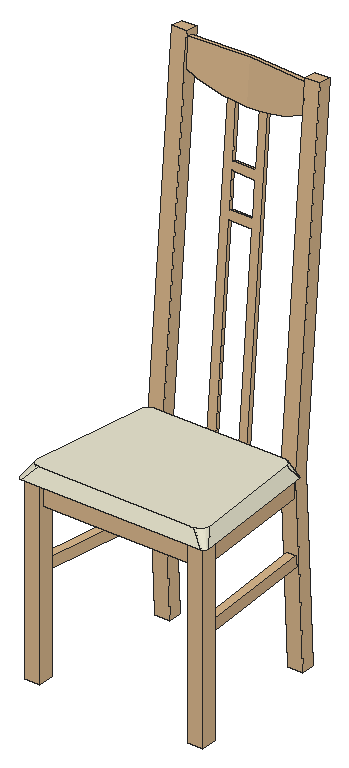
Revit family
Parameters (values of type "Chair - Dining")
  Material Structure = Wood - Birch
  Material Chair Covering = Fabric - Beige
  Keynote = "N"
  Assembly Code = ""
Reference planes
  plane 1 "Center (Front/Back)": y = 0
  plane 2: z = 0
  plane 3 "Center (Left/Right)": x = 0
  plane 4: x = -192.5
  plane 5: x = 192.5
  plane 6: y = 117
  plane 7: y = -200
  plane 8: z = 425
  plane 9: z = 1225
  plane 10: z = 250
  plane 11: x = -157.5
  plane 12: x = 157.5
  plane 13: through (-192.5, -182.5, 1200) normal (-0.9935, 0.1142, 0)
  plane 14: through (-192.5, -182.5, 1200) normal (-0.9935, 0.1142, 0)
  plane 15: z = 1122.124
  plane 16: z = 1215
Forms (mm)
  Extrusion 1, solid, material "Wood - Birch"
    sketch origin (0, 0, 0) x (1, 0, 0) y (0, 1, 0)
      loop
        line (-210, -217.5) -> (-175, -217.5) -> (-175, -182.5) -> (-210, -182.5) -> (-210, -217.5)
      loop
        line (210, -217.5) -> (210, -182.5) -> (175, -182.5) -> (175, -217.5) -> (210, -217.5)
    from 0 to 425
  Sweep 2, solid, material "Wood - Birch"
    path origin (-157.5, 175.942, 1200) x (0, 1, 0) y (0, 0, 1)
      loop
        line (-38.942, -1200) -> (-58.942, -775) -> (11.048, 25)
    profile origin (-157.5, 117, 425) x (0, -0.998895, -0.047007) y (1, 0, 0)
      loop
        line (15, -17.5) -> (15, 17.5) -> (-15, 17.5) -> (-15, -17.5) -> (15, -17.5)
  Sweep 3, solid, material "Wood - Birch"
    path origin (157.5, 175.942, 1200) x (0, 1, 0) y (0, 0, -1)
      loop
        line (-38.942, 1200) -> (-58.942, 775) -> (11.048, -25)
    profile origin (157.5, 117, 425) x (0, 0.998895, 0.047007) y (-1, 0, 0)
      loop
        line (-15, -17.5) -> (15, -17.5) -> (15, 17.5) -> (-15, 17.5) -> (-15, -17.5)
  Extrusion 4, solid, material "Wood - Birch"
    sketch origin (0, 0, 0) x (1, 0, 0) y (0, 1, 0)
      loop
        line (-182.434, -182.5) -> (-147.434, 122.017) -> (-167.566, 122.017) -> (-202.566, -182.5) -> (-182.434, -182.5)
    from 225.45 to 250.45
  Extrusion 5, solid, material "Wood - Birch" <- "Material Structure"
    sketch origin (0, 0, 0) x (1, 0, 0) y (0, 1, 0)
      loop
        line (-169.87, 101.969) -> (-202.566, -182.5) -> (-187.467, -182.5) -> (-154.771, 101.969) -> (-169.87, 101.969)
      loop
        line (-175, -210) -> (175, -210) -> (175, -195) -> (-175, -195) -> (-175, -210)
      loop
        line (-140, 96.447) -> (140, 96.447) -> (140, 126.447) -> (-140, 126.447) -> (-140, 96.447)
      loop
        line (169.87, 101.969) -> (154.771, 101.969) -> (187.467, -182.5) -> (202.566, -182.5) -> (169.87, 101.969)
    from 375 to 425
  Extrusion 6, solid, material "Wood - Birch"
    sketch origin (0, 0, 0) x (0, 1, 0) y (1, 0, 0)
      loop
        line (-182.5, 182.434) -> (122.017, 147.434) -> (122.017, 167.566) -> (-182.5, 202.566) -> (-182.5, 182.434)
    from 225.45 to 250.45
  Blend 7, solid, material "Fabric - Beige" <- "Material Chair Covering"
    base sketch origin (-550.149, 0, 425) x (-1, 0, 0) y (0, -1, 0)
      loop
        arc (-761.483, 225) -> (-768.947, 221.655) -> (-771.417, 213.858) r 10
        line (-771.417, 213.858) -> (-735.117, -101.969) -> (-365.18, -101.969) -> (-328.88, 213.858)
        arc (-328.88, 213.858) -> (-331.35, 221.655) -> (-338.814, 225) r 10
        line (-338.814, 225) -> (-761.483, 225)
    top sketch origin (-550.149, 0, 425) x (-1, 0, 0) y (0, -1, 0)
      loop
        line (-377.608, -78.731) -> (-346.983, 187.716)
        arc (-346.983, 187.716) -> (-351.925, 203.31) -> (-366.852, 210) r 20
        line (-366.852, 210) -> (-733.445, 210)
        arc (-733.445, 210) -> (-748.372, 203.31) -> (-753.314, 187.716) r 20
        line (-753.314, 187.716) -> (-722.689, -78.731)
        arc (-722.689, -78.731) -> (-716.131, -91.375) -> (-702.82, -96.447) r 20
        line (-702.82, -96.447) -> (-397.477, -96.447)
        arc (-397.477, -96.447) -> (-384.167, -91.375) -> (-377.608, -78.731) r 20
    from 0 to 30
  Extrusion 8, solid, material "Wood - Birch" <- "Material Structure"
    sketch origin (175, 101.969, 425.302) x (0, 0.087156, 0.996195) y (-1, 0, 0)
      loop
        line (0.525, 222.5) -> (0.525, 202.5) -> (450.847, 202.5) -> (450.847, 147.5) -> (0.525, 147.5) -> (0.525, 127.5) -> (700.525, 127.5) -> (700.525, 147.5) -> (571.607, 147.5) -> (571.607, 202.5) -> (700.525, 202.5) -> (700.525, 222.5) -> (0.525, 222.5)
      loop
        line (551.607, 147.5) -> (551.607, 202.5) -> (470.847, 202.5) -> (470.847, 147.5) -> (551.607, 147.5)
    from -22.806 to -15.806
  Extrusion 9, solid, material "Wood - Birch"
    sketch origin (40.405, 164.383, 1123.043) x (-1, 0, 0) y (0, -0.996195, 0.087156)
      loop
        arc (180.405, -2.324) -> (40.364, -11.728) -> (-99.595, -1.173) r 987
        line (-99.595, -1.173) -> (-99.595, -13.017)
        arc (-99.595, -13.017) -> (40.405, -22.865) -> (180.405, -13.017) r 1000
        line (180.405, -13.017) -> (180.405, -2.324)
    from -16.887 to 93.085
  Extrusion 10, void
    sketch origin (175, 101.969, 425.302) x (0, -0.087156, -0.996195) y (-1, 0, 0)
      loop
        line (-727.067, 35) -> (-667.067, 35) -> (-667.067, 315) -> (-727.067, 315)
        arc (-727.067, 315) -> (-692.649, 175) -> (-727.067, 35) r 301.947
    from 0 to 26.579
Cuts and joins
  Extrusion 10 cuts Extrusion 1
  Extrusion 10 cuts Sweep 2
  Extrusion 10 cuts Sweep 3
  Extrusion 10 cuts Extrusion 4
  Extrusion 10 cuts Extrusion 6
  joined: Extrusion 1, Sweep 2, Sweep 3, Extrusion 4, Extrusion 6
  Extrusion 10 cuts Extrusion 5
  joined: Extrusion 5, Extrusion 8
  Extrusion 10 cuts Blend 7
  Extrusion 10 cuts Extrusion 9
Lines and regions (mm)
  Masking region 1
    outline origin (0, 0, 0) x (1, 0, 0) y (0, 1, 0)
      loop
        line (-175, 101.969) -> (-184.969, 101.969) -> (-221.327, -213.79)
        arc (-221.327, -213.79) -> (-218.843, -221.635) -> (-211.334, -225) r 10.059
        line (-211.334, -225) -> (210.127, -225)
        arc (210.127, -225) -> (218.005, -221.737) -> (221.269, -213.858) r 11.142
        line (221.269, -213.858) -> (184.969, 101.969) -> (175, 101.969) -> (175, 201.934) -> (-175, 201.934) -> (-175, 101.969)
  symbolic lines
    curve 1: line (175, 201.934, 0) -> (-175, 201.934, 0)
    curve 2: line (-175, 201.934, 0) -> (-175, 101.969, 0)
    curve 3: line (-175, 101.969, 0) -> (-184.969, 101.969, 0)
    curve 4: line (184.969, 101.969, 0) -> (175, 101.969, 0)
    curve 5: line (175, 101.969, 0) -> (175, 201.934, 0)
    curve 6: line (-175, 181.934, 0) -> (175, 181.934, 0)
    curve 7: line (-175, 101.969, 0) -> (175, 101.969, 0)
    curve 8: line (-157.5, 101.969, 0) -> (-157.5, 166.934, 0)
    curve 9: line (157.5, 101.969, 0) -> (157.5, 166.934, 0)
    curve 10: line (-157.5, 166.934, 0) -> (157.5, 166.934, 0)
    curve 11: line (-47.5, 166.934, 0) -> (-47.5, 101.969, 0)
    curve 12: line (-27.5, 166.934, 0) -> (-27.5, 101.969, 0)
    curve 13: line (47.5, 166.934, 0) -> (47.5, 101.969, 0)
    curve 14: line (27.5, 166.934, 0) -> (27.5, 101.969, 0)
Dimensions and locks
  aligned and locked: plane 8 to Extrusion 1
  aligned and locked: Extrusion 1 to Extrusion 4 sketch curve
  aligned and locked: plane 8 to Extrusion 5
  aligned and locked: cut or joined group of Extrusion 1, Sweep 2, Sweep 3, Extrusion 4, Extrusion 6, Extrusion 10 to Extrusion 9 sketch curve  (x2)
